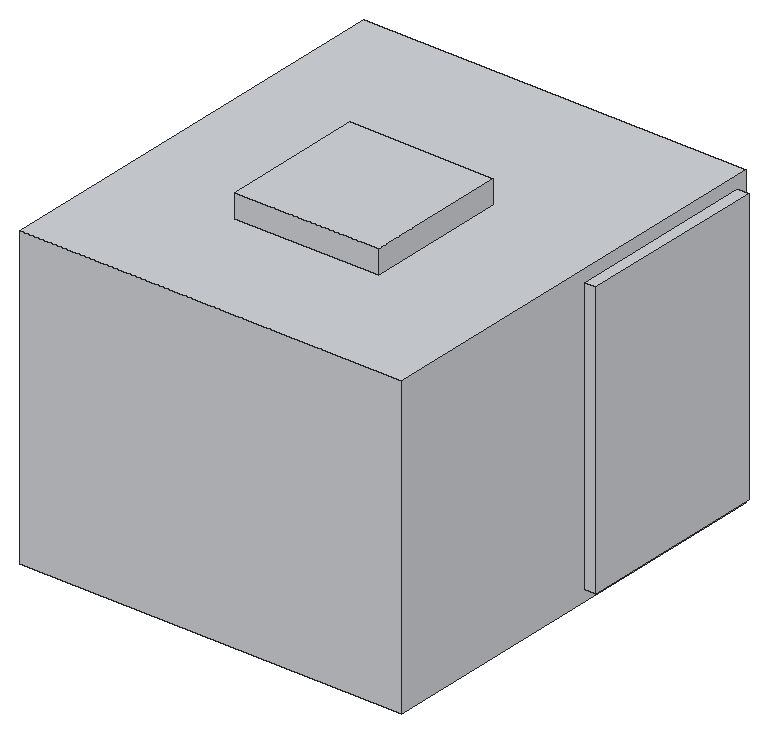
Revit family "7e00dc2ccfb042fa8f58297f233c65b9", category Mechanical Equipment, Revit 2021
Family settings
  Round Connector Dimension = Use Diameter
  Part Type = Normal
  OmniClass Number = 23.75.35.14
  OmniClass Title = Air Handling Units
  Seek Item ID = AHU Fan Module - Rear Discharge Up-0000-USA-ENU
  Work Plane-Based = No
  Always vertical = Yes
  Cut with Voids When Loaded = No
  Shared = No
  Room Calculation Point = No
Parameters (values of type "For 3 Square Feet of Coil")
  Width 1 = 1' - 4"
  Voltage = 208 V
  Outlet Width = 12"
  Outlet Height = 12"
  Load Classification = Cooling
  Inlet Width = 32"
  Inlet Height = 25"
  Fan Material = none
  Number of Poles = 3
  Default Elevation = 0' - 0"
  Air Flow [instance] = 1800 CFM
  Fan Width = 36"
  Fan Length = 32"
  Fan Height = 25"
  Apparent Load [instance] = 13000 VA
  External Static Pressure [instance] = 0.75 in-wg
Types (17): name | Width 1 | Voltage | Outlet Width | Outlet Height | Inlet Width | Inlet Height | Air Flow | Fan Width | Fan Length | Fan Height | Apparent Load
  (no name) | 1' - 4" | 208 V | 12" | 12" | 32" | 25" | 1800 CFM | 36" | 32" | 25" | 13000 VA
  For 3 Square Feet of Coil | 1' - 4" | 208 V | 12" | 12" | 32" | 25" | 1800 CFM | 36" | 32" | 25" | 13000 VA
  For 100 Square Feet of Coil | 2' - 0" | 460 V | 64" | 56" | 152" | 120" | 60000 CFM | 96" | 152" | 120" | 120000 VA
  For 6 Square Feet of Coil | 1' - 4" | 208 V | 16" | 16" | 44" | 28" | 3600 CFM | 42" | 44" | 28" | 26000 VA
  For 8 Square Feet of Coil | 1' - 4" | 208 V | 18" | 18" | 48" | 32" | 4800 CFM | 44" | 48" | 32" | 32000 VA
  For 10 Square Feet of Coil | 1' - 4" | 208 V | 20" | 20" | 60" | 34" | 6000 CFM | 34" | 60" | 34" | 44000 VA
  For 12 Square Feet of Coil | 1' - 4" | 208 V | 22" | 22" | 64" | 38" | 7200 CFM | 38" | 64" | 38" | 53000 VA
  For 14 Square Feet of Coil | 1' - 4" | 208 V | 24" | 24" | 68" | 40" | 8400 CFM | 40" | 68" | 40" | 63000 VA
  For 17 Square Feet of Coil | 1' - 4" | 208 V | 28" | 28" | 74" | 44" | 10200 CFM | 44" | 74" | 44" | 75000 VA
  For 21 Square Feet of Coil | 2' - 0" | 208 V | 28" | 28" | 76" | 50" | 12600 CFM | 50" | 76" | 50" | 95000 VA
  For 25 Square Feet of Coil | 2' - 0" | 208 V | 32" | 32" | 78" | 56" | 15000 CFM | 56" | 78" | 56" | 95000 VA
  For 30 Square Feet of Coil | 2' - 0" | 208 V | 32" | 32" | 92" | 56" | 18000 CFM | 56" | 92" | 56" | 120000 VA
  For 35 Square Feet of Coil | 2' - 0" | 460 V | 34" | 34" | 96" | 62" | 21000 CFM | 62" | 96" | 62" | 120000 VA
  For 40 Square Feet of Coil | 2' - 0" | 460 V | 38" | 38" | 110" | 62" | 24000 CFM | 62" | 110" | 62" | 120000 VA
  For 50 Square Feet of Coil | 2' - 0" | 460 V | 42" | 42" | 120" | 74" | 30000 CFM | 70" | 120" | 74" | 120000 VA
  For 66 Square Feet of Coil | 2' - 0" | 460 V | 48" | 42" | 138" | 92" | 39600 CFM | 84" | 138" | 92" | 120000 VA
  For 80 Square Feet of Coil | 2' - 0" | 460 V | 52" | 50" | 138" | 110" | 48000 CFM | 92" | 138" | 110" | 120000 VA
Reference planes (in)
  plane 1 "Center (Front/Back)": y = 0
  plane 2: z = 0
  plane 3 "Center (Left/Right)": x = 0
  plane 4: y = 36
  plane 5: x = -16
  plane 6: x = 16
  plane 7: z = 25
  plane 8: x = -17
  plane 9: x = 17
  plane 10: y = 35
  plane 11: y = 19
  plane 12: z = 24
  plane 13: z = 1
  plane 14: y = 10
  plane 15: x = -6
  plane 16: x = 6
  plane 17: y = 22
  plane 18: z = 27
  plane 19: y = 27
  plane 20: z = 4
Forms (in)
  Extrusion 1, solid, material <- "Fan Material"
    sketch origin (0, 0, 0) x (1, 0, 0) y (0, 1, 0)
      loop
        line (16, 36) -> (-16, 36) -> (-16, 0) -> (16, 0) -> (16, 36)
    from 0 to 25
  Extrusion 2, solid, material <- "Fan Material"
    sketch origin (0, 0, 0) x (1, 0, 0) y (0, 1, 0)
      loop
        line (-17, 35) -> (-17, 19) -> (-16, 19) -> (-16, 35) -> (-17, 35)
      loop
        line (16, 35) -> (16, 19) -> (17, 19) -> (17, 35) -> (16, 35)
    from 1 to 24
  Extrusion 3, solid, material <- "Fan Material"
    sketch origin (0, 0, 0) x (1, 0, 0) y (0, 1, 0)
      loop
        line (-6, 22) -> (-6, 10) -> (6, 10) -> (6, 22) -> (-6, 22)
    from 25 to 27
  Extrusion 4, solid, material <- "Fan Material"
    sketch origin (0, 0, 0) x (0, 1, 0) y (0, 0, 1)
      loop
        circle (27, 4) r 0.5
    from -17 to -16
Cuts and joins
  joined: Extrusion 1, Extrusion 2, Extrusion 3, Extrusion 4
Dimensions and locks (in)
  equal spacing: plane 5, plane 3 "Center (Left/Right)", plane 6
  "Fan Width": plane 4 to plane 1 "Center (Front/Back)"
  "Fan Height": plane 2 to plane 7
  locked: plane 6 to plane 9 at 1
  locked: plane 4 to plane 10 at 1
  locked: plane 12 to plane 7 at 1
  locked: plane 2 to plane 13 at 1
  "Fan Length": plane 5 to plane 6
  locked: plane 8 to plane 5 at 1
  "Width 1": plane 10 to plane 11
  locked: plane 1 "Center (Front/Back)" to plane 14 at 10
  equal spacing: plane 15, plane 3 "Center (Left/Right)", plane 16
  "Outlet Width": plane 15 to plane 16
  "Outlet Height": plane 17 to plane 14
  locked: plane 7 to plane 18 at 2
  equal spacing: plane 10, plane 19, plane 11
  locked: plane 20 to plane 2 at 4
  radius of Extrusion 4 sketch curve = 0' - 0 1/2"
  aligned and locked: plane 6 to Extrusion 1 sketch curve
  aligned and locked: plane 4 to Extrusion 1 sketch curve
  aligned and locked: plane 1 "Center (Front/Back)" to Extrusion 1 sketch curve
  aligned and locked: Extrusion 1 sketch curve to plane 5
  aligned and locked: Extrusion 1 to plane 2
  aligned and locked: plane 7 to Extrusion 1
  aligned and locked: Extrusion 2 sketch curve to plane 10  (x2)
  aligned and locked: plane 8 to Extrusion 2 sketch curve
  aligned and locked: plane 11 to Extrusion 2 sketch curve  (x2)
  aligned and locked: Extrusion 2 sketch curve to plane 5
  aligned and locked: Extrusion 2 sketch curve to plane 9
  aligned and locked: plane 6 to Extrusion 2 sketch curve
  aligned and locked: plane 12 to Extrusion 2
  aligned and locked: Extrusion 2 to plane 13
  aligned and locked: plane 15 to Extrusion 3 sketch curve
  aligned and locked: Extrusion 3 sketch curve to plane 17
  aligned and locked: plane 14 to Extrusion 3 sketch curve
  aligned and locked: Extrusion 3 sketch curve to plane 16
  aligned and locked: plane 7 to Extrusion 3
  aligned and locked: plane 18 to Extrusion 3
  aligned and locked: Extrusion 4 to plane 8
  aligned and locked: plane 5 to Extrusion 4
Automatic sketch dimensions
  Extrusion 4 sketch curve to plane 19 = 0' - 0"
  Extrusion 4 sketch curve to plane 20 = 0' - 0"
Connectors (in)
  hvac at (0, 0, 12.5), driven by "Air Flow", driven by "Inlet Height", driven by "Inlet Width"
    settings: on Extrusion 1, index 1, duct flow 1800 CFM, flow factor 0, pres drop 0.00 in-wg, loss coef 0, conn angle 0.00°, conn width 32", conn height 25", conn diameter 24", duct sys type 29, conn prof type 1, flow config 0, flow direction 1, loss method 0, conn ref index 2, conn util no, is conn primary yes, conn desc ""
  hvac at (0, 16, 27), driven by "Air Flow", driven by "Outlet Width", driven by "Outlet Height"
    settings: on Extrusion 3, index 2, duct flow 1800 CFM, flow factor 0, pres drop 0.00 in-wg, loss coef 0, conn angle 0.00°, conn width 12", conn height 12", conn diameter 24", duct sys type 29, conn prof type 1, flow config 0, flow direction 2, loss method 0, conn ref index 1, conn util no, is conn primary no, conn desc ""
  electrical at (-17, 27, 4), driven by "Voltage", driven by "Number of Poles", driven by "Apparent Load", driven by "Load Classification"
    settings: on Extrusion 4, index 3, voltage 208 V, apparent load 13000 VA, apparent load phase1 0 VA, apparent load phase2 0 VA, apparent load phase3 0 VA, power factor 0.8, load classification "Cooling", number of poles 3, system type 30, power factor state 1, is connector primary yes, connector utility no, sub classification motor no, connector description ""
